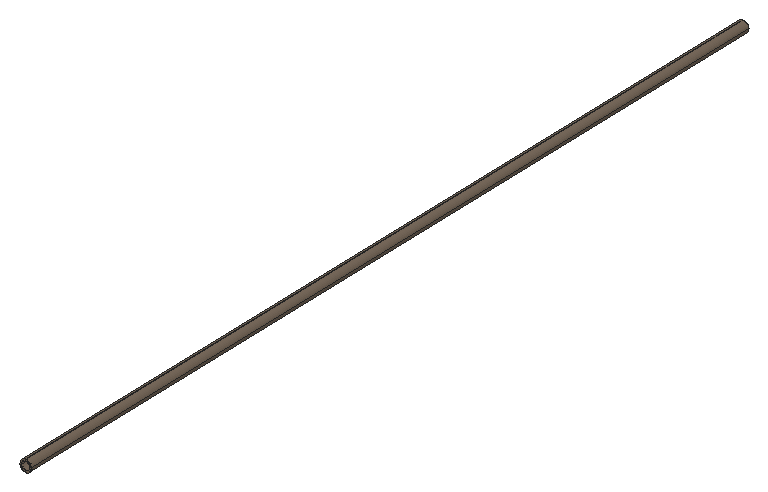
Revit family "111014001048286", category Modelos genéricos, Revit 2018
Family settings
  Puede alojar armadura = No
  Cota de conector redondo = Diámetro de uso
  Tipo de pieza = Normal
  Se basa en plano de trabajo = No
  Siempre vertical = No
  Corte con vacíos al cargar = No
  Compartido = No
  Punto de cálculo de habitación = No
Parameters (values of type "BARRA CLOSET PP C/ACERO 1" CAFE TIRA 2MT")
  Ventajas = ""
  Uso = "Se instala en los baños para colgar la cortina de las duchas.\r\nEn el caso de ser instalado en el closet, se utiliza para colgar la ropa"
  Unidad = "Tira 2.00 mts."
  URL = "https://www.empresascnp.cl/"
  Num SKUs = "111014001048286"
  Nombre SKU = "BARRA CLOSET PP C/ACERO 1\" CAFE TIRA 2MT"
  Modelo = "BARRA CLOSET PP C/ACERO 1\""
  Material = PP con acero cafe
  Url Ficha tecnica = "https://empresascnp.cl/wp-content/uploads//pdf/ficha-tecnica-barra-bano-pp-c-acero-1-blanco-tira-1-2mt.pdf"
  Largo = 2000.00 mm
  Espesor = 0.00 mm
  Empresa = "CNP SPA."
  Dureza = ""
  Dimension = 23.00 mm
  Descripción = "Barra closet pp c/acero 1\" 2M"
  Contacto = "info@empresascnp.cl"
  Color = "Café"
  Aplicacion = "Barra de  cortina para baños y uso en closet."
Reference planes
  plane 1 "Center F/B": y = 0
  plane 2: z = 0
  plane 3 "Center L/R": x = 0
  plane 4: z = 23
  plane 5 "2": y = 1000
  plane 6 "3": y = -1000
Forms (mm)
  Extrusion 1, solid, material "PP con acero cafe" <- "Material"
    sketch origin (0, 0, 0) x (1, 0, 0) y (0, 0, 1)
      loop
        circle (0, 25.4) r 12.7
      loop
        circle (0, 25.4) r 9.7
    from -1000 to 1000
Dimensions and locks
  "Dimension": plane 4 to level
  equal spacing: plane 6 "3", plane 1 "Center F/B", plane 5 "2"
  "Largo": plane 6 "3" to plane 5 "2"
  radius of Extrusion 1 sketch curve = 12.70 mm
  aligned and locked: plane 6 "3" to Extrusion 1
  aligned and locked: Extrusion 1 to plane 5 "2"
Automatic sketch dimensions
  Extrusion 1 sketch curve to plane 3 "Center L/R" = 0.00 mm
  level to Extrusion 1 sketch curve = 25.40 mm
  Extrusion 1 sketch curve to Extrusion 1 sketch curve = 0.00 mm  (x2)
  radius of Extrusion 1 sketch curve = 12.70 mm
  radius of Extrusion 1 sketch curve = 9.70 mm
